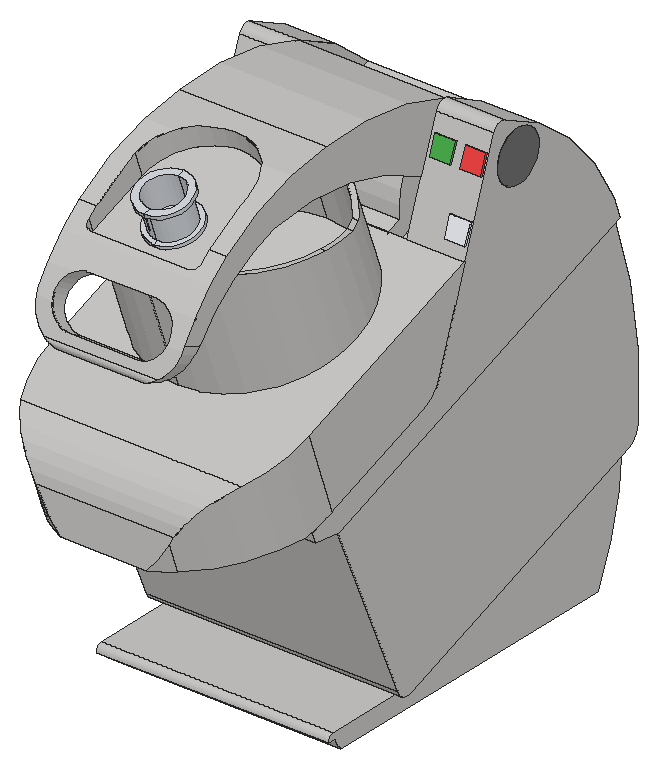
Revit family "QF_DITOSAMA_600422_DTRSY1V3I", category Specialty Equipment, Revit 2018
Family settings
  Round Connector Dimension = Use Diameter
  Part Type = Normal
  Work Plane-Based = No
  Always vertical = Yes
  Cut with Voids When Loaded = No
  Shared = No
  Room Calculation Point = No
Parameters (values of type "Standard")
  Weight = 21.40 kg
  Watts = 0 W
  Volts = 200 V
  URL Manufacturer = "http://www.ditosama.com"
  URL = "http://www.ditosama.com"
  Steam Supply Size = 0 mm
  Steam Supply Minimum Pressure = 0.0 Pa
  Steam Supply Maximum Pressure = 0.0 Pa
  Steam Pounds per Hour = 0
  Refrigeration Suction Line Size = 0 mm
  Refrigeration Liquid Line Size = 0 mm
  Refrigerant Compressor Remote = yes
  Manufacturer = "Dito Sama"
  Phase = 3
  Model = "DTRSY1V3I"
  Length Actual = 252 mm  # constant formula
  Item Number = "600422"
  Hot Water Size = 0 mm
  Height Actual = 515 mm  # constant formula
  HP = "0.7 HP"
  Gas Size = 0 mm
  Gas KW = 0
  Gas Input Pressure = 0 W
  Direct Waste Size = 0 mm
  Description = "VEGETABLE SLICER-1 SPEED-500W-380-440/3/50-60 CB APPROVED"
  Depth Actual = 500 mm  # constant formula
  Cycle = 50 Hz
  Condensate Return Size = 0 mm
  Compressed Air Volume = 0.0 L/s
  Compressed Air Size = 0 mm
  Compressed Air Pressure = 0.0 Pa
  Cold Water Size = 0 mm
  Accessory = yes
Reference planes
  plane 1 "Center (Front/Back)": y = 0
  plane 2: z = 0
  plane 3 "Center (Left/Right)": x = 0
  plane 4 "BASE": through (-1506.947, -1354.442, -482.669) normal (0, -0.342, 0.9397)
  plane 5 "TOP": z = 780
  plane 6 "FRONT": y = -250
  plane 7 "BACK": y = 250
  plane 8 "LEFT": x = -126
  plane 9 "RIGHT": x = 126
  plane 10 "BaseSup": through (4267.2, -355.454, 143.983) normal (0, -0.342, 0.9397)
  plane 11 "TopCylinder": z = 502
  plane 12 "panel": through (4267.2, 37.396, 376.789) normal (0, -0.9397, 0.342)
  plane 13 "TAN1": through (4267.2, -242.8, 386.84) normal (0, -0.868, 0.4965)
  plane 14 "cx": x = -4.392
Forms (mm)
  Extrusion 1, solid, material "QF_Finishes_Stainless Steel"
    sketch origin (0, 71.755, 29.173) x (0, 0.939693, 0.34202) y (0, -0.34202, 0.939693)
      loop
        line (194.125, 30) -> (-100, 30) -> (-172.671, 56.45)
        arc (-172.671, 56.45) -> (-177.706, 56.23) -> (-181.11, 52.515) r 6.584
        line (-181.11, 52.515) -> (-172.825, 49.499)
        arc (-172.825, 49.499) -> (-173.282, 42.917) -> (-170.601, 36.887) r 13.662
        line (-170.601, 36.887) -> (125.402, -70.849)
        arc (125.402, -70.849) -> (140.415, -55.659) -> (154.125, -39.282) r 258.806
        arc (154.125, -39.282) -> (176.416, -5.964) -> (194.125, 30) r 303.676
    from -114.1 to 114.1
  Extrusion 2, solid, material "QF_Finishes_Stainless Steel"
    sketch origin (0, 71.755, 29.173) x (0, 0.939693, 0.34202) y (0, -0.34202, 0.939693)
      loop
        arc (-117.754, 231.836) -> (-115.421, 136.806) -> (-106.378, 42.177) r 1344.145
        arc (-106.378, 42.177) -> (-102.811, 33.567) -> (-94.2, 30) r 12.177
        line (-94.2, 30) -> (191.415, 30)
        arc (191.415, 30) -> (200.799, 34.052) -> (207.001, 42.177) r 20.212
        arc (207.001, 42.177) -> (237.263, 134.79) -> (245.906, 231.836) r 430.148
        line (245.906, 231.836) -> (-117.754, 231.836)
    from -123.6 to 123.2
  Extrusion 3, solid, material "QF_Finishes_Stainless Steel"
    sketch origin (0, 71.755, 29.173) x (0, 0.939693, 0.34202) y (0, -0.34202, 0.939693)
      loop
        line (-117.754, 231.836) -> (250, 231.836) -> (250, 254)
        arc (250, 254) -> (225.127, 344.7) -> (167.861, 419.303) r 244.524
        arc (167.861, 419.303) -> (160.498, 421.774) -> (153.587, 418.23) r 10
        line (153.587, 418.23) -> (25.432, 265.5)
        arc (25.432, 265.5) -> (14.376, 257.016) -> (0.77, 254) r 32.194
        line (0.77, 254) -> (-142.678, 254) -> (-142.678, 244) -> (-117.754, 231.836)
    from -125 to 125
  Extrusion 4, void
    sketch origin (0, 71.755, 29.173) x (0, 0.939693, 0.34202) y (0, -0.34202, 0.939693)
      loop
        line (146.605, 338.403) -> (228.145, 338.403)
        arc (228.145, 338.403) -> (202.221, 381.996) -> (167.861, 419.303) r 244.524
        arc (167.861, 419.303) -> (160.498, 421.774) -> (153.587, 418.23) r 10
        line (153.587, 418.23) -> (72.34, 321.403) -> (146.605, 321.403) -> (146.605, 338.403)
    from -76.755 to 68.071
  Extrusion 5, solid, material "QF_Finishes_Stainless Steel"
    sketch origin (0, 71.755, 29.173) x (0, 0.939693, 0.34202) y (0, -0.34202, 0.939693)
      loop
        line (86.605, 338.403) -> (69.605, 321.403) -> (146.605, 321.403) -> (146.605, 338.403) -> (138.179, 338.403) -> (138.179, 369.367)
        arc (138.179, 369.367) -> (147.784, 373.474) -> (158.149, 372.174) r 19.987
        arc (158.149, 372.174) -> (156.791, 382.001) -> (162.888, 389.826) r 12.748
        arc (162.888, 389.826) -> (123.302, 374.774) -> (101.605, 338.403) r 64.447
        line (101.605, 338.403) -> (86.605, 338.403)
    from -65 to 50
  Extrusion 6, solid, material "QF_Finishes_Stainless Steel"
    sketch origin (539, 71.755, 29.173) x (0, -0.939693, -0.34202) y (0, -0.34202, 0.939693)
      loop
        circle (-169.102, 378.696) r 12.748
    from 489 to 604
  Extrusion 7, solid, material "QF_Finishes_Rubber Black"
    sketch origin (0, 71.755, 29.173) x (0, 0.939693, 0.34202) y (0, -0.34202, 0.939693)
      loop
        circle (169.102, 378.696) r 25
    from 125 to 126.6
  Extrusion 8, solid, material "QF_Finishes_Green"
    sketch origin (-10, -113.728, -38.42) x (0, -0.34202, -0.939693) y (1, 0, 0)
      loop
        line (-529.862, 82.865) -> (-509.862, 82.865) -> (-509.862, 102.865) -> (-529.862, 102.865) -> (-529.862, 82.865)
    from 0 to 1.6
  Extrusion 9, solid, material "QF_Finishes_Red"
    sketch origin (20, -113.728, -38.42) x (0, -0.34202, -0.939693) y (1, 0, 0)
      loop
        line (-529.862, 82.865) -> (-509.862, 82.865) -> (-509.862, 102.865) -> (-529.862, 102.865) -> (-529.862, 82.865)
    from 0 to 1.6
  Extrusion 10, solid, material "QF_Finishes_White"
    sketch origin (19.976, -149.421, -75.636) x (0, -0.34202, -0.939693) y (1, 0, 0)
      loop
        line (-521.192, 82.865) -> (-501.192, 82.865) -> (-501.192, 102.865) -> (-521.192, 102.865) -> (-521.192, 82.865)
    from 0 to 1.6
  Extrusion 11, solid, material "QF_Finishes_Rubber Black"
    sketch origin (-20, -306.935, 99.376) x (0, -1, 0) y (1, 0, 0)
      loop
        circle (-230.144, 103.748) r 10
      loop
        circle (-230.144, -61.252) r 10
    from 9.274 to 3.787
  Extrusion 12, void
    sketch origin (-20.94, 306.731, 139.428) x (-1, 0, 0) y (0, -0.34202, 0.939693)
      loop
        circle (-20.94, 196.093) r 10
    from -1.916 to -26.433
  Extrusion 13, solid, material "QF_Finishes_Stainless Steel"
    sketch origin (-20.94, 306.678, 139.573) x (-1, 0, 0) y (0, -0.34202, 0.939693)
      loop
        circle (-20.94, 195.939) r 9.999
    from -8.514 to -26.433
  Extrusion 14, solid, material "QF_Finishes_Stainless Steel"
    sketch origin (0, -15.119, 267.855) x (0, -0.939693, -0.34202) y (1, 0, 0)
      loop
        line (-86.605, -125) -> (117.754, -125)
        arc (117.754, -125) -> (182.577, -108.838) -> (232.224, -64.135) r 138.076
        arc (232.224, -64.135) -> (246.337, -33.516) -> (250, 0) r 104.824
        arc (250, 0) -> (246.337, 33.516) -> (232.224, 64.135) r 104.824
        arc (232.224, 64.135) -> (182.577, 108.838) -> (117.754, 125) r 138.076
        line (117.754, 125) -> (-86.605, 125) -> (-86.605, -125)
    from 0 to 84.403
  Extrusion 15, void
    sketch origin (0, 71.755, 29.173) x (0, 0.939693, 0.34202) y (0, -0.34202, 0.939693)
      loop
        line (-148.177, 254) -> (-243.49, 272.527) -> (-229.509, 307.133)
        arc (-229.509, 307.133) -> (-211.109, 329.855) -> (-183.149, 338.403) r 50
        line (-183.149, 338.403) -> (-263.395, 338.403) -> (-263.395, 254) -> (-148.177, 254)
      loop
        line (86.605, 338.403) -> (25.432, 265.5)
        arc (25.432, 265.5) -> (14.376, 257.016) -> (0.77, 254) r 32.194
        line (0.77, 254) -> (86.605, 254) -> (86.605, 338.403)
    from -156.555 to 144.79
  Extrusion 16, solid, material "QF_Finishes_Rubber Black"
    sketch origin (-20, -28.598, 99.376) x (0, -1, 0) y (1, 0, 0)
      loop
        circle (-230.144, 103.748) r 10
      loop
        circle (-230.144, -61.252) r 10
    from 9.274 to 3.787
  Extrusion 17, solid, material "QF_Finishes_Stainless Steel"
    sketch origin (0, 0, 0) x (0, 1, 0) y (0, 0, 1)
      loop
        arc (-237.987, 360.286) -> (-193.334, 422.101) -> (-125.907, 457.716) r 167.502
        arc (-125.907, 457.716) -> (-32.614, 457.202) -> (54.785, 424.565) r 266.494
        line (54.785, 424.565) -> (73.036, 474.711)
        arc (73.036, 474.711) -> (77.269, 479.853) -> (83.792, 481.198) r 10
        arc (83.792, 481.198) -> (12.917, 500.705) -> (-60.594, 500.999) r 278.64
        arc (-60.594, 500.999) -> (-125.023, 488.463) -> (-183.511, 458.675) r 236.13
        arc (-183.511, 458.675) -> (-222.818, 420.732) -> (-248.457, 372.49) r 174.407
        arc (-248.457, 372.49) -> (-249.83, 368.135) -> (-247.05, 364.513) r 4.945
        line (-247.05, 364.513) -> (-237.987, 360.286)
    from -76.755 to 68.071
  Extrusion 18, void
    sketch origin (0, -252.846, 369.279) x (0, -0.496521, -0.868025) y (1, 0, 0)
      loop
        line (-13.723, -36.755) -> (-13.723, 28.071)
        arc (-13.723, 28.071) -> (-38.723, 53.071) -> (-63.723, 28.071) r 25
        line (-63.723, 28.071) -> (-63.723, -36.755)
        arc (-63.723, -36.755) -> (-38.723, -61.755) -> (-13.723, -36.755) r 25
    from -148.493 to 7.125
  Extrusion 19, void
    sketch origin (0, -88.076, 32.057) x (0, -0.34202, -0.939693) y (1, 0, 0)
      loop
        line (-257.162, 68.071) -> (-297.162, 68.071)
        arc (-297.162, 68.071) -> (-268.878, 56.356) -> (-257.162, 28.071) r 40
        line (-257.162, 28.071) -> (-257.162, 68.071)
      loop
        line (-257.162, -76.755) -> (-257.162, -36.755)
        arc (-257.162, -36.755) -> (-268.878, -65.039) -> (-297.162, -76.755) r 40
        line (-297.162, -76.755) -> (-257.162, -76.755)
    from 233.374 to 280.473
  Extrusion 20, void
    sketch origin (0, -73.76, 246.511) x (0, -0.939693, -0.34202) y (1, 0, 0)
      loop
        spline (50.415, 43.499) -> (50.302, 44.538) -> (50.07, 45.551) -> (49.722, 46.523) -> (49.265, 47.436) -> (48.705, 48.278) -> (48.053, 49.034) -> (47.317, 49.692) -> (46.511, 50.241) -> (45.647, 50.674) -> (44.738, 50.981) -> (43.801, 51.16) -> (42.848, 51.221)
        line (42.848, 51.221) -> (-21.826, 51.221)
        arc (-21.826, 51.221) -> (-77.476, -4.429) -> (-21.826, -60.078) r 55.65
        line (-21.826, -60.078) -> (42.849, -60.064)
        spline (42.849, -60.064) -> (43.796, -60.017) -> (44.73, -59.836) -> (45.637, -59.525) -> (46.5, -59.088) -> (47.306, -58.532) -> (48.042, -57.867) -> (48.695, -57.103) -> (49.256, -56.253) -> (49.715, -55.331) -> (50.065, -54.351) -> (50.3, -53.329) -> (50.415, -52.283)
        line (50.415, -52.283) -> (50.415, 43.499)
    from 219.928 to 259.975
  Extrusion 21, void
    sketch origin (0, -87.856, 241.381) x (0, -0.939693, -0.34202) y (1, 0, 0)
      loop
        circle (-4.976, -4.429) r 22.5
    from 184.171 to 259.975
  Extrusion 22, solid, material "QF_Finishes_Stainless Steel"
    sketch origin (0, -57.13, 252.564) x (0, -0.939693, -0.34202) y (1, 0, 0)
      loop
        circle (-27.476, -4.429) r 100
      loop
        circle (-27.476, -4.429) r 95
    from 84.403 to 219.928
  Extrusion 23, void
    sketch origin (539, 0, 0) x (0, -1, 0) y (0, 0, 1)
      loop
        line (-7.229, 448.453) -> (38.883, 431.669) -> (53.883, 431.669) -> (97.232, 435.738) -> (172.232, 435.738) -> (200.5, 434.424) -> (12.562, 502.828) -> (-7.229, 448.453)
    from 424.9 to 664
  Revolve 24, solid
    sketch origin (-4.392, 0, 0) x (0, 1, 0) y (0, 0, 1)
      loop
        line (-159.523, 452.833) -> (-177.266, 446.376) -> (-188.766, 477.973) -> (-195.199, 475.631) -> (-193.959, 472.225) -> (-189.261, 473.935) -> (-179, 445.744) -> (-183.698, 444.034) -> (-182.575, 440.948) -> (-179.543, 442.052) -> (-133.191, 314.7) -> (-112.048, 322.396) -> (-159.523, 452.833)
      axis (-112.048, 322.396) -> (-171.023, 484.431)
    angle from 0 to 360
  Extrusion 25, solid, material "QF_Door-Drawer Clearances", detail levels coarse
    sketch origin (0, -259.129, 728.467) x (0, -0.462376, -0.886684) y (0, 0.886684, -0.462376)
      loop
        arc (-237.987, 360.286) -> (-193.334, 422.101) -> (-125.907, 457.716) r 167.502
        arc (-125.907, 457.716) -> (-32.614, 457.202) -> (54.785, 424.565) r 266.494
        line (54.785, 424.565) -> (59.562, 427.056)
        arc (59.562, 427.056) -> (59.025, 458.234) -> (62.46, 489.226) r 244.524
        arc (62.46, 489.226) -> (1.594, 502.023) -> (-60.594, 500.999) r 278.64
        arc (-60.594, 500.999) -> (-125.023, 488.463) -> (-183.511, 458.675) r 236.13
        arc (-183.511, 458.675) -> (-222.818, 420.732) -> (-248.457, 372.49) r 174.407
        arc (-248.457, 372.49) -> (-249.83, 368.135) -> (-247.05, 364.513) r 4.945
        line (-247.05, 364.513) -> (-237.987, 360.286)
    from -76.755 to 68.071
  Extrusion 26, solid, material "QF_Door-Drawer Clearances", detail levels coarse
    sketch origin (-4.392, 0, 0) x (0, 1, 0) y (0, 0, 1)
      loop
        arc (180.062, 780.324) -> (-149.234, 694.151) -> (-249.905, 368.994) r 350.321
        line (-249.905, 368.994) -> (-246.546, 377.767)
        arc (-246.546, 377.767) -> (-144.345, 691.9) -> (174.993, 776.44) r 345.321
        line (174.993, 776.44) -> (180.062, 780.324)
    from -60 to 60
Cuts and joins
  Extrusion 4, Extrusion 19, Extrusion 20, Extrusion 21 cuts Extrusion 3
  Extrusion 15, Extrusion 19, Extrusion 20, Extrusion 21 cuts Extrusion 14
  Extrusion 18, Extrusion 19, Extrusion 20, Extrusion 21 cuts Extrusion 17
  Extrusion 12, Extrusion 20, Extrusion 21 cuts Extrusion 2
  Extrusion 23 cuts Extrusion 22
Lines and regions (mm)
  model lines
    curve 1: line (-65, 80.335, 302.597) -> (50, 80.335, 302.597)
    curve 2: line (-65, 83.13, 303.615) -> (50, 83.13, 303.615)
Dimensions and locks
  plane 5 "TOP" to level = 780 mm
  plane 8 "LEFT" to plane 3 "Center (Left/Right)" to plane 9 "RIGHT" = 126 mm, 126 mm
  plane 7 "BACK" to plane 1 "Center (Front/Back)" to plane 6 "FRONT" = 250 mm, 250 mm
  plane 5 "TOP" to plane 2 = 780 mm
  plane 5 "TOP" to plane 11 "TopCylinder" = 278 mm
  plane 6 "FRONT" to plane 7 "BACK" = 500 mm
  plane 7 "BACK" to plane 6 "FRONT" = 500 mm
  plane 11 "TopCylinder" to level = 502 mm
  aligned and locked: level to plane 2
Connectors
  electrical at (0, 231.662, 320.783), driven by "Volts"
    settings: on Extrusion 13, index 1, voltage 200 V, apparent load 0 VA, apparent load phase1 0 VA, apparent load phase2 0 VA, apparent load phase3 0 VA, power factor 1, load classification "Other", number of poles 1, system type 30, power factor state 1, is connector primary yes, connector utility no, sub classification motor no, connector description "Electrical Connection"
